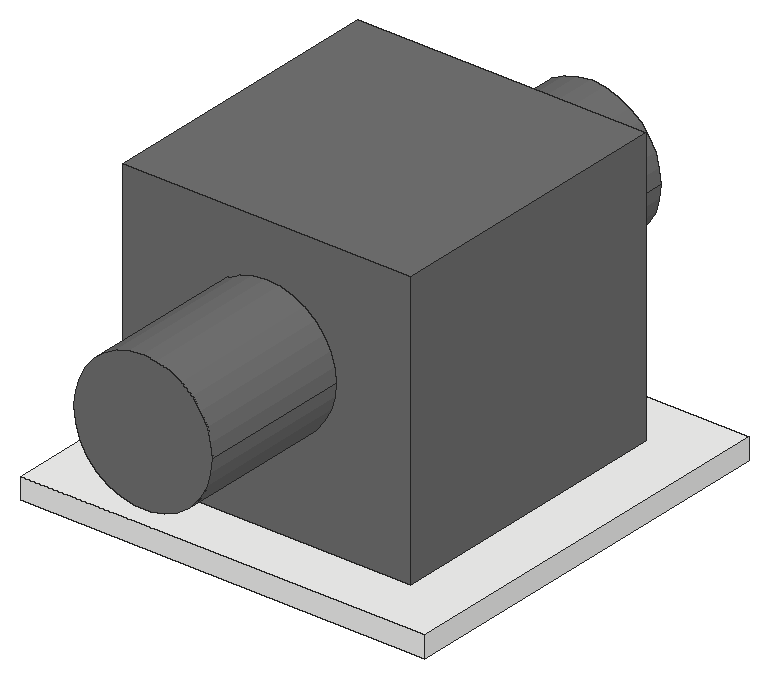
Revit family "vd-10zfvc7_60Hz", category 機械設備, Revit 2019
Family settings
  丸型コネクタ寸法 = 直径を使用
  パーツ タイプ = 標準
  OmniClass 番号 = 23.75.35.17.27
  OmniClass タイトル = Centrifugal Fans
  作業面ベース = いいえ
  常に垂直 = はい
  ロード時にボイドで切り取り = いいえ
  共有 = いいえ
  部屋計算ポイント = はい
Parameters (values of type "VD-10ZFVC7")
  騒音レベル(dB(A)) [instance] = 27
  風量 [instance] = 120.0 m³/h
  電源種別 [instance] = ""
  電圧 = 100 V
  電動機出力 = 0 W
  電動機_種別 [instance] = ""
  運転質量 = 0.00 kg
  連動 [instance] = ""
  質量 = if(製品質量 > 運転質量, 製品質量, 運転質量) * 1.2  # 2.28 kg
  負荷分類 = 3_ファン類
  説明 = "ダクト用換気扇 2部屋換気用 低騒音形 24時間換気機能付 定風量タイプ"
  設計風量 [instance] = 0.0 m³/h
  設置方法 = "天埋"
  記号 [instance] = ""
  製造元 = "三菱電機株式会社"
  製品質量 = 1.90 kg
  製品出荷対象 = "国内"
  製品リリース年月 = "2024年6月3日"
  製品グループ = ""
  系統 [instance] = ""
  符号 [instance] = if(☑給気／□排気, "FS", "FE")  # "FE"
  積算_科目 = "2 換気設備"
  積算_拾い区分 [instance] = ""
  相 = 1
  盤記号 [instance] = ""
  発停方法 [instance] = ""
  特殊仕様 [instance] = ""
  火災停止 [instance] = ""
  消費電力 = 3.3 W
  法定耐用年数 = "15"
  機外静圧 [instance] = 78.0 Pa
  極数 = 2
  材質 [instance] = ""
  操作・制御方式 = ""
  操作・制御スイッチ = ""
  排気量 [instance] = if(☑給気／□排気, 0.0 m³/h, 設計風量)  # 0.0 m³/h
  形式 = "天井埋込ダクト形"
  幹線記号 [instance] = ""
  対象室 [instance] = ""
  実風量 [instance] = 0.0 m³/h
  始動方式 [instance] = "直入"
  外気量 [instance] = if(☑給気／□排気, 設計風量, 0.0 m³/h)  # 0.0 m³/h
  呼称 = "天井扇"
  周波数 = 60 Hz
  参照している仕様書等のバージョン = ""
  分類コード = "50052503100030"
  分類グループ = ""
  価格 = 51600
  企業コード = "108420"
  付属品_防振装置 = ""
  付属品 [instance] = ""
  仕様書バージョン = "Version1.0"
  モデル = "VD-10ZFVC7"
  マテリアル = 合成樹脂(黒)
  ファンの種類 = ""
  ダクト径 = 100 mm
  コメント [instance] = ""
  Keynote = ""
  カバーマテリアル = 合成樹脂(白)
  ☑給気／□排気 [instance] = no
  Width = 204 mm
  W1 = 286 mm
  Version = ""
  Uniclass2015Version = "Systems v1.9"
  Uniclass2015Title = "Centrifugal fans"
  Uniclass2015Code = "Pr_65_67_29_12"
  URL = "https://www.mitsubishielectric.co.jp/ldg/wink/qr/002/333564/"
  SpecificationReference = ""
  SpecificationDescription = ""
  Revision = ""
  RAサイズ_D = 98 mm
  RA_Duct_Height = 109 mm
  RA_Duct_Depth = 79 mm
  ProductInformation = ""
  OmniClassCode = "23-33 31 19 11 15"
  MIN風量 = 75.0 m³/h
  MIN静圧 = 57.0 Pa
  MID風量 = 0.0 m³/h
  MID静圧 = 0.0 Pa
  MAX風量 = 120.0 m³/h
  MAX静圧 = 78.0 Pa
  IfcTypeProduct = ""
  IfcProduct = ""
  IfcExportType = "PROPELLORAXIAL"
  IfcExportAs = "IfcFanType"
  Height = 195 mm
  H1 = 15 mm
  EAサイズ_D = 98 mm
  EA_Duct_Height = 109 mm
  EA_Duct_Depth = 109 mm
  Duct_Height = 111 mm
  Duct_Depth = 114 mm
  Duct_Center = 0 mm
  Depth = 208 mm
  D1 = 286 mm
  Author = "三菱電機株式会社"
Reference planes
  plane 1 "中心(正面/背面)": y = 0
  plane 2: z = 0
  plane 3 "中心(左/右)": x = 0
  plane 4: x = -143
  plane 5: x = 143
  plane 6: y = 143
  plane 7: y = -143
  plane 8: x = -102
  plane 9: x = 102
  plane 10: y = 104
  plane 11: y = -104
  plane 12: y = -213
  plane 13: z = 195
  plane 14: z = -15
  plane 15: z = 109
  plane 16: x = 0
  plane 17: y = 183
  plane 18: z = 109
Forms (mm)
  Extrusion 1, solid, material "合成樹脂(黒)" <- "マテリアル", detail levels fine
    sketch origin (0, 0, 0) x (1, 0, 0) y (0, 1, 0)
      loop
        line (-102, 104) -> (-102, -104) -> (102, -104) -> (102, 104) -> (-102, 104)
    from 0 to 195
  Extrusion 2, solid, material "合成樹脂(白)" <- "カバーマテリアル", detail levels fine
    sketch origin (0, 0, 0) x (1, 0, 0) y (0, 1, 0)
      loop
        line (-143, 143) -> (-143, -143) -> (143, -143) -> (143, 143) -> (-143, 143)
    from 0 to -15
  Extrusion 3, solid, material "合成樹脂(黒)" <- "マテリアル", detail levels fine
    sketch origin (0, 0, 0) x (1, 0, 0) y (0, 0, 1)
      loop
        circle (0, 109) r 49
    from 104 to 213
  Extrusion 4, solid, material "合成樹脂(黒)" <- "マテリアル"
    sketch origin (0, 0, 0) x (1, 0, 0) y (0, 0, 1)
      loop
        circle (0, 109) r 49
    from -183 to -104
Dimensions and locks
  equal spacing: plane 4, plane 3 "中心(左/右)", plane 5
  "W1": plane 4 to plane 5
  equal spacing: plane 6, plane 1 "中心(正面/背面)", plane 7
  "D1": plane 6 to plane 7
  equal spacing: plane 8, plane 3 "中心(左/右)", plane 9
  "Width": plane 8 to plane 9
  equal spacing: plane 10, plane 1 "中心(正面/背面)", plane 11
  "Depth": plane 10 to plane 11
  "EA_Duct_Depth": plane 11 to plane 12
  "Height": plane 13 to plane 2
  "EA_Duct_Height": plane 15 to plane 2
  "H1": plane 2 to plane 14
  "Duct_Center": plane 3 "中心(左/右)" to plane 16
  "RA_Duct_Height": level to plane 18
  "RA_Duct_Depth": plane 17 to plane 10
  "EAサイズ_D": diameter of Extrusion 3 sketch curve
  "RAサイズ_D": diameter of Extrusion 4 sketch curve
  aligned and locked: level to plane 2
  aligned and locked: plane 5 to Extrusion 2
  aligned and locked: plane 6 to Extrusion 2
  aligned and locked: Extrusion 2 to plane 4
  aligned and locked: Extrusion 2 to plane 7
  aligned and locked: plane 9 to Extrusion 1
  aligned and locked: Extrusion 1 to plane 11
  aligned and locked: Extrusion 1 to plane 8
  aligned and locked: plane 10 to Extrusion 1
  aligned and locked: plane 13 to Extrusion 1
  aligned and locked: Extrusion 2 to plane 14
  aligned and locked: level to Extrusion 2
  aligned and locked: Extrusion 1 to level
  aligned and locked: Extrusion 3 to plane 12
  aligned and locked: plane 11 to Extrusion 3
  aligned and locked: plane 17 to Extrusion 4
  aligned and locked: Extrusion 4 to Extrusion 1
Automatic sketch dimensions
  Extrusion 1 sketch curve to plane 3 "中心(左/右)" = 102 mm
  plane 3 "中心(左/右)" to Extrusion 1 sketch curve = 102 mm
  Extrusion 2 sketch curve to plane 3 "中心(左/右)" = 143 mm
  plane 3 "中心(左/右)" to Extrusion 2 sketch curve = 143 mm
  plane 1 "中心(正面/背面)" to Extrusion 1 sketch curve = 104 mm
  Extrusion 1 sketch curve to plane 1 "中心(正面/背面)" = 104 mm
  plane 1 "中心(正面/背面)" to Extrusion 2 sketch curve = 143 mm
  Extrusion 2 sketch curve to plane 1 "中心(正面/背面)" = 143 mm
  Extrusion 3 sketch curve to plane 15 = 0 mm
  Extrusion 3 sketch curve to plane 16 = 0 mm
  Extrusion 4 sketch curve to plane 3 "中心(左/右)" = 0 mm
  Extrusion 4 sketch curve to plane 18 = 0 mm
Nested families
  nested 1: "記号_天井換気扇_平面" at (0, 0, 0), type "記号_天井換気扇_平面", detail levels coarse+medium
Connectors
  hvac at (0, -213, 109), driven by "ダクト径", driven by "風量", driven by "機外静圧"
    settings: on Extrusion 3, index 1, duct flow 120.0 m³/h, flow factor 0, pres drop 78.0 Pa, loss coef 0, conn angle 0.00°, conn width 304.8 mm, conn height 304.8 mm, conn diameter 100 mm, duct sys type 3, conn prof type 0, flow config 0, flow direction 2, loss method 4, conn ref index -1, conn util no, is conn primary yes, conn desc ""
  electrical at (0, 0, 195), driven by "極数", driven by "負荷分類", driven by "電圧", driven by "消費電力"
    settings: on Extrusion 1, index 2, voltage 100 V, apparent load 3.3 VA, apparent load phase1 0 VA, apparent load phase2 0 VA, apparent load phase3 0 VA, power factor 1, load classification "3_ファン類", number of poles 2, system type 30, power factor state 1, is connector primary yes, connector utility no, sub classification motor no, connector description ""
  hvac at (0, 183, 109), driven by "ダクト径", driven by "機外静圧", driven by "風量"
    settings: on Extrusion 4, index 3, duct flow 120.0 m³/h, flow factor 0, pres drop 78.0 Pa, loss coef 0, conn angle 0.00°, conn width 304.8 mm, conn height 304.8 mm, conn diameter 100 mm, duct sys type 2, conn prof type 0, flow config 0, flow direction 1, loss method 4, conn ref index -1, conn util no, is conn primary no, conn desc ""
Definition of nested family "記号_天井換気扇_平面"
  Reference planes
    plane 1: y = 0
    plane 2: x = 0
  Lines and regions (mm)
    detail lines
      curve 1: line (-2.5, 2.5, 0) -> (2.5, 2.5, 0)
      curve 2: line (-2.5, -2.5, 0) -> (-2.5, 2.5, 0)
      curve 3: line (2.5, -2.5, 0) -> (-2.5, -2.5, 0)
      curve 4: line (2.5, 2.5, 0) -> (2.5, -2.5, 0)
      curve 5: circle (-1.04, -1.04, 0) r 1.46 normal (0, 0, 1)
      curve 6: circle (1.04, 1.04, 0) r 1.46 normal (0, 0, 1)
      curve 7: line (-3.125, 3.125, 0) -> (3.125, 3.125, 0)
      curve 8: line (-3.125, -3.125, 0) -> (-3.125, 3.125, 0)
      curve 9: line (3.125, -3.125, 0) -> (-3.125, -3.125, 0)
      curve 10: line (3.125, 3.125, 0) -> (3.125, -3.125, 0)
      curve 11: circle (1.295, 1.295, 0) r 1.83 normal (0, 0, 1)
      curve 12: circle (-1.295, -1.295, 0) r 1.83 normal (0, 0, 1)
      curve 13: line (-2, 2, 0) -> (2, 2, 0)
      curve 14: line (-2, -2, 0) -> (-2, 2, 0)
      curve 15: line (2, -2, 0) -> (-2, -2, 0)
      curve 16: line (2, 2, 0) -> (2, -2, 0)
      curve 17: circle (0.84, 0.84, 0) r 1.16 normal (0, 0, 1)
      curve 18: circle (-0.84, -0.84, 0) r 1.2 normal (0, 0, 1)
